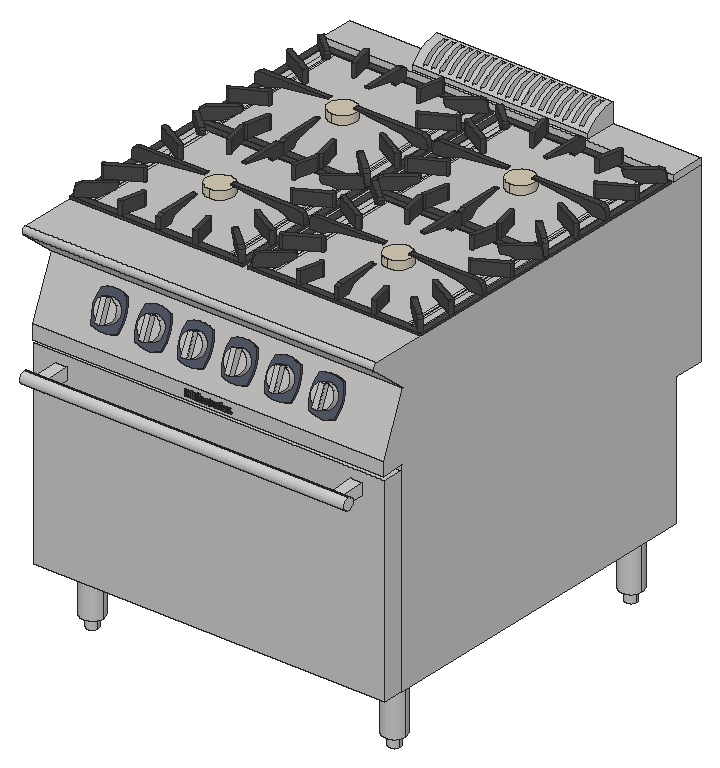
Revit family "QF_ELECTROLUXPROFESSIONAL_391164_E9GCGH4CEN", category Specialty Equipment, Revit 2018
Family settings
  Round Connector Dimension = Use Diameter
  Part Type = Normal
  Work Plane-Based = No
  Always vertical = Yes
  Cut with Voids When Loaded = No
  Shared = No
  Room Calculation Point = No
Parameters
  Weight in Pounds = 115
  Watts = 6000 VA  # 6000 W
  Volts = 230 V  # constant formula
  URL Cutsheet = "www.electrolux.com"
  URL = "www.electrolux.com"
  Type Mark [instance] = ""
  Status [instance] = ""
  Specification by User [instance] = ""
  Specification by Manufacturer = ""
  Show Logo [instance] = yes
  Show Clearance [instance] = yes
  Serial Number = ""
  Seismic Rating = ""
  SMACNA No = ""
  Revision Code [instance] = ""
  Phase = 3  # constant formula
  Omniclass Number and Title = ""
  Number of Poles [instance] = 1
  NAFEM Spec ID Number = ""
  Model = "391164"
  Min Ckt Ampacity = 0 A
  Mechanical Remarks [instance] = ""
  Mechanical Connection Type [instance] = ""
  Max Overcurrent Protection = 0 A
  Masterspec = ""
  Manufacturer = "ELECTROLUX"
  Item Number [instance] = ""
  Installed By [instance] = ""
  Identify Quantity as Lot [instance] = yes
  HP = "8 HP"
  Gas Size = 1/2"
  Gas RI Height [instance] = 0 mm
  Gas KW [instance] = 28
  Gas Input [instance] = 95452.0 Btu/h
  Gas Connection Height = 0 mm
  Furnished By [instance] = ""
  Foodservice Equipment Identifier [instance] = yes
  FL Amps = if(Phase = 3, Watts / (Volts * 1.73), Watts / Volts)  # 15.0792 A
  Electrical Remarks [instance] = "230 V/3 ph/50/60 Hz"  # constant formula
  Electric Connection Type [instance] = ""
  Elec Conn RI Height [instance] = 0 mm
  Elec Conn Connection Height [instance] = 0 mm
  Direct Waste Size = 0"
  Description = "900XP 4 GAS BURNERS 6kW ON ELECTRIC OVEN 2300V - TEMP 110/285°C"
  Cycle = if([60 Hertz Option], 60 Hz, 50 Hz)  # 60 Hz
  Conn Plug = ""
  Conn Conduit = yes
  CSI MasterFormat = ""
  CSI Master Format = ""
  Apparent Power = if(Phase = 3, Volts * FL Amps * 1.73, Volts * FL Amps)  # 6000 VA
  60 Hertz Option = not([50 Hertz Option])  # yes
  50 Hertz Option = no
Reference planes
  plane 1 "BACK": y = 0
  plane 2: z = 0
  plane 3 "LEFT": x = 0
  plane 4 "RIGHT": x = 800.1
  plane 5 "FRONT": y = -930.275
  plane 6 "TOP": z = 909
  plane 7 "Center Y": x = 400.05
  plane 8 "Center X": y = -465.137
  plane 9: z = 150
  plane 10: z = 1397
  plane 11: y = -80.962
  plane 12: z = 851
  plane 13: x = 56
  plane 14: x = 744.1
  plane 15: y = -128
  plane 16: y = -802
  plane 17: y = -1306
  plane 18: y = -900
  plane 19: x = 552.1
  plane 20: x = 757.1
  plane 21: y = -665
Forms (mm)
  Extrusion 1, solid, material "QF_Finishes_Stainless Steel"
    sketch origin (0, 0, 0) x (0, 1, 0) y (0, 0, 1)
      loop
        line (0, 450.037) -> (0, 851) -> (-921.28, 851)
        arc (-921.28, 851) -> (-929.718, 845.109) -> (-927.095, 835.158) r 8.988
        line (-927.095, 835.158) -> (-846.681, 766.933) -> (-902.478, 641.576) -> (-902.478, 610.279) -> (-855.054, 614.975)
        arc (-855.054, 614.975) -> (-852.529, 614.227) -> (-851.437, 611.831) r 3.175
        line (-851.437, 611.831) -> (-851.437, 150) -> (-71.438, 150) -> (-71.438, 450.037) -> (0, 450.037)
    from 0 to 800.1
  Extrusion 2, solid, material "QF_Finishes_Stainless Steel"
    sketch origin (0, 0, 0) x (0, 1, 0) y (0, 0, 1)
      loop
        line (0, 851) -> (0, 865.288) -> (-76.2, 865.288) -> (-76.2, 851) -> (0, 851)
    from 0 to 800.1
  Extrusion 3, void
    sketch origin (-65.011, 0, 865.138) x (-1, 0, 0) y (0, -1, 0)
      loop
        line (-295.005, 6.761) -> (-285.709, 6.761) -> (-285.709, 63.911) -> (-295.005, 63.911) -> (-295.005, 6.761)
      loop
        line (-313.697, 6.761) -> (-304.401, 6.761) -> (-304.401, 63.911) -> (-313.697, 63.911) -> (-313.697, 6.761)
      loop
        line (-332.39, 6.761) -> (-323.094, 6.761) -> (-323.094, 63.911) -> (-332.39, 63.911) -> (-332.39, 6.761)
      loop
        line (-351.082, 6.761) -> (-341.787, 6.761) -> (-341.787, 63.911) -> (-351.082, 63.911) -> (-351.082, 6.761)
      loop
        line (-369.775, 6.761) -> (-360.479, 6.761) -> (-360.479, 63.911) -> (-369.775, 63.911) -> (-369.775, 6.761)
      loop
        line (-388.468, 6.761) -> (-379.172, 6.761) -> (-379.172, 63.911) -> (-388.468, 63.911) -> (-388.468, 6.761)
      loop
        line (-407.16, 6.761) -> (-397.864, 6.761) -> (-397.864, 63.911) -> (-407.16, 63.911) -> (-407.16, 6.761)
      loop
        line (-425.853, 6.761) -> (-416.557, 6.761) -> (-416.557, 63.911) -> (-425.853, 63.911) -> (-425.853, 6.761)
      loop
        line (-444.545, 6.761) -> (-435.25, 6.761) -> (-435.25, 63.911) -> (-444.545, 63.911) -> (-444.545, 6.761)
      loop
        line (-463.238, 6.761) -> (-453.942, 6.761) -> (-453.942, 63.911) -> (-463.238, 63.911) -> (-463.238, 6.761)
      loop
        line (-481.493, 6.761) -> (-472.635, 6.761) -> (-472.635, 63.911) -> (-481.493, 63.911) -> (-481.493, 6.761)
      loop
        line (-500.186, 6.761) -> (-490.89, 6.761) -> (-490.89, 63.911) -> (-500.186, 63.911) -> (-500.186, 6.761)
      loop
        line (-518.878, 6.761) -> (-509.583, 6.761) -> (-509.583, 63.911) -> (-518.878, 63.911) -> (-518.878, 6.761)
      loop
        line (-537.571, 6.761) -> (-528.275, 6.761) -> (-528.275, 63.911) -> (-537.571, 63.911) -> (-537.571, 6.761)
      loop
        line (-556.264, 6.761) -> (-546.968, 6.761) -> (-546.968, 63.911) -> (-556.264, 63.911) -> (-556.264, 6.761)
      loop
        line (-574.956, 6.761) -> (-565.66, 6.761) -> (-565.66, 63.911) -> (-574.956, 63.911) -> (-574.956, 6.761)
      loop
        line (-593.649, 6.761) -> (-584.353, 6.761) -> (-584.353, 63.911) -> (-593.649, 63.911) -> (-593.649, 6.761)
      loop
        line (-612.341, 6.761) -> (-603.046, 6.761) -> (-603.046, 63.911) -> (-612.341, 63.911) -> (-612.341, 6.761)
      loop
        line (-631.034, 6.761) -> (-621.738, 6.761) -> (-621.738, 63.911) -> (-631.034, 63.911) -> (-631.034, 6.761)
      loop
        line (-649.727, 6.761) -> (-640.431, 6.761) -> (-640.431, 63.911) -> (-649.727, 63.911) -> (-649.727, 6.761)
    from 9.525 to 45.348
  Extrusion 4, solid, material "QF_Finishes_Stainless Steel"
    sketch origin (400.05, 175.397, 1219.2) x (0, 1, 0) y (0, 0, 1)
      loop
        line (-175.397, -353.912) -> (-175.397, -310.2)
        arc (-175.397, -310.2) -> (-214.469, -318.821) -> (-245.247, -344.387) r 84.854
        line (-245.247, -344.387) -> (-245.247, -353.912) -> (-175.397, -353.912)
    from -200.05 to 199.95
  Extrusion 5, solid, material "QF_Finishes_Navy Blue"
    sketch origin (0, -879.281, 692.691) x (0, -0.406642, -0.913587) y (1, 0, 0)
      loop
        arc (-53.776, 223.651) -> (-18.194, 216.027) -> (17.514, 223.034) r 90.5
        arc (17.514, 223.034) -> (24.34, 252.222) -> (17.514, 281.409) r 65.817
        arc (17.514, 281.409) -> (-18.193, 288.369) -> (-53.776, 280.797) r 91.066
        arc (-53.776, 280.797) -> (-60.332, 252.224) -> (-53.776, 223.651) r 65.546
      loop
        arc (-53.776, 123.651) -> (-18.194, 116.027) -> (17.514, 123.034) r 90.5
        arc (17.514, 123.034) -> (24.34, 152.222) -> (17.514, 181.409) r 65.817
        arc (17.514, 181.409) -> (-18.193, 188.369) -> (-53.776, 180.797) r 91.066
        arc (-53.776, 180.797) -> (-60.332, 152.224) -> (-53.776, 123.651) r 65.546
      loop
        arc (-53.776, 576.786) -> (-60.332, 548.214) -> (-53.776, 519.641) r 65.546
        arc (-53.776, 519.641) -> (-18.193, 512.068) -> (17.514, 519.028) r 91.066
        arc (17.514, 519.028) -> (24.34, 548.216) -> (17.514, 577.404) r 65.817
        arc (17.514, 577.404) -> (-18.194, 584.411) -> (-53.776, 576.786) r 90.5
      loop
        arc (-53.776, 676.349) -> (-60.237, 647.995) -> (-53.776, 619.641) r 65.451
        arc (-53.776, 619.641) -> (-18.194, 612.032) -> (17.514, 619.025) r 90.665
        arc (17.514, 619.025) -> (24.245, 647.997) -> (17.514, 676.969) r 65.722
        arc (17.514, 676.969) -> (-18.195, 684.01) -> (-53.776, 676.349) r 90.1
      loop
        arc (-53.776, 420.279) -> (-18.194, 412.655) -> (17.514, 419.662) r 90.5
        arc (17.514, 419.662) -> (24.34, 448.849) -> (17.514, 478.037) r 65.817
        arc (17.514, 478.037) -> (-18.193, 484.997) -> (-53.776, 477.424) r 91.066
        arc (-53.776, 477.424) -> (-60.332, 448.852) -> (-53.776, 420.279) r 65.546
      loop
        arc (-53.776, 320.279) -> (-18.194, 312.655) -> (17.514, 319.662) r 90.5
        arc (17.514, 319.662) -> (24.34, 348.849) -> (17.514, 378.037) r 65.817
        arc (17.514, 378.037) -> (-18.193, 384.997) -> (-53.776, 377.424) r 91.066
        arc (-53.776, 377.424) -> (-60.332, 348.852) -> (-53.776, 320.279) r 65.546
    from 0 to 3.175
  Extrusion 6, solid, material "QF_Finishes_Stainless Steel"
    sketch origin (0, -882.182, 693.982) x (0, -0.406642, -0.913587) y (1, 0, 0)
      loop
        circle (-18.131, 252.457) r 25.4
      loop
        circle (-18.131, 152.457) r 25.4
      loop
        circle (-18.131, 547.543) r 25.4
      loop
        circle (-18.131, 647.543) r 25.4
      loop
        circle (-18.131, 349.085) r 25.4
      loop
        circle (-18.131, 449.085) r 25.4
    from 0 to 12.7
  Extrusion 7, solid, material "QF_Finishes_Stainless Steel"
    sketch origin (0, -893.785, 699.146) x (0, -0.406642, -0.913587) y (1, 0, 0)
      loop
        arc (-42.863, 258.243) -> (-43.531, 252.457) -> (-42.863, 246.671) r 25.4
        line (-42.863, 246.671) -> (6.601, 246.671)
        arc (6.601, 246.671) -> (7.269, 252.457) -> (6.601, 258.243) r 25.4
        line (6.601, 258.243) -> (-42.863, 258.243)
      loop
        arc (-42.863, 158.243) -> (-43.531, 152.457) -> (-42.863, 146.671) r 25.4
        line (-42.863, 146.671) -> (6.601, 146.671)
        arc (6.601, 146.671) -> (7.269, 152.457) -> (6.601, 158.243) r 25.4
        line (6.601, 158.243) -> (-42.863, 158.243)
      loop
        arc (-42.863, 553.425) -> (-43.531, 547.639) -> (-42.863, 541.852) r 25.4
        line (-42.863, 541.852) -> (6.601, 541.852)
        arc (6.601, 541.852) -> (7.269, 547.639) -> (6.601, 553.425) r 25.4
        line (6.601, 553.425) -> (-42.863, 553.425)
      loop
        arc (-42.863, 653.425) -> (-43.531, 647.639) -> (-42.863, 641.852) r 25.4
        line (-42.863, 641.852) -> (6.601, 641.852)
        arc (6.601, 641.852) -> (7.269, 647.639) -> (6.601, 653.425) r 25.4
        line (6.601, 653.425) -> (-42.863, 653.425)
      loop
        arc (-42.863, 454.871) -> (-43.531, 449.085) -> (-42.863, 443.299) r 25.4
        line (-42.863, 443.299) -> (6.601, 443.299)
        arc (6.601, 443.299) -> (7.269, 449.085) -> (6.601, 454.871) r 25.4
        line (6.601, 454.871) -> (-42.863, 454.871)
      loop
        arc (-42.863, 354.871) -> (-43.531, 349.085) -> (-42.863, 343.299) r 25.4
        line (-42.863, 343.299) -> (6.601, 343.299)
        arc (6.601, 343.299) -> (7.269, 349.085) -> (6.601, 354.871) r 25.4
        line (6.601, 354.871) -> (-42.863, 354.871)
    from 0 to 12.7
  Extrusion 8, solid, material "QF_Finishes_Navy Blue", visible <- "Show Logo"
    sketch origin (0, -902.478, 610.279) x (0, 0, 1) y (-1, 0, 0)
      loop
        line (21.268, -357.807) -> (8.901, -357.807)
        arc (8.901, -357.807) -> (15.085, -362.379) -> (21.268, -357.807) r 6.467
      loop
        arc (21.268, -357.178) -> (20.099, -352.035) -> (15.443, -349.557) r 6.338
        line (15.443, -349.557) -> (15.443, -351.603)
        arc (15.443, -351.603) -> (16.927, -355.258) -> (20.372, -357.178) r 5.941
        line (20.372, -357.178) -> (21.268, -357.178)
      loop
        arc (9.797, -357.178) -> (13.242, -355.258) -> (14.726, -351.603) r 5.941
        line (14.726, -351.603) -> (14.726, -349.557)
        arc (14.726, -349.557) -> (10.032, -352.031) -> (8.742, -357.178) r 6.504
        line (8.742, -357.178) -> (9.797, -357.178)
      loop
        line (21.943, -349.088) -> (8.198, -349.088) -> (8.198, -362.851) -> (21.943, -362.851) -> (21.943, -349.088)
      loop
        arc (22.026, -365.819) -> (21.679, -365.461) -> (21.312, -365.799) r 0.358
        arc (21.312, -365.799) -> (20.997, -366.549) -> (20.281, -366.934) r 1.216
        line (20.281, -366.934) -> (9.868, -366.934)
        arc (9.868, -366.934) -> (9.208, -366.657) -> (8.812, -366.06) r 1.238
        arc (8.812, -366.06) -> (8.417, -365.809) -> (8.112, -366.163) r 0.358
        line (8.112, -366.163) -> (8.112, -376.042) -> (10.863, -376.042) -> (10.863, -375.145)
        arc (10.863, -375.145) -> (9.954, -374.565) -> (9.498, -373.588) r 1.928
        line (9.498, -373.588) -> (9.498, -371.089)
        arc (9.498, -371.089) -> (9.774, -370.36) -> (10.462, -369.996) r 1.101
        line (10.462, -369.996) -> (14.549, -369.996) -> (14.549, -373.67)
        arc (14.549, -373.67) -> (14.196, -374.167) -> (13.631, -374.395) r 1.083
        arc (13.631, -374.395) -> (13.367, -374.7) -> (13.659, -374.978) r 0.292
        line (13.659, -374.978) -> (16.621, -374.978)
        arc (16.621, -374.978) -> (16.924, -374.705) -> (16.686, -374.375) r 0.305
        arc (16.686, -374.375) -> (16.195, -374.127) -> (15.89, -373.67) r 1.083
        line (15.89, -373.67) -> (15.89, -369.996) -> (20.567, -369.996) -> (20.567, -373.744)
        arc (20.567, -373.744) -> (20.353, -374.499) -> (19.747, -374.997) r 1.314
        arc (19.747, -374.997) -> (19.527, -375.401) -> (19.882, -375.694) r 0.361
        line (19.882, -375.694) -> (22.026, -375.694) -> (22.026, -365.819)
      loop
        arc (21.309, -376.474) -> (20.928, -377.393) -> (20.01, -377.773) r 1.299
        line (20.01, -377.773) -> (10.431, -377.773)
        arc (10.431, -377.773) -> (9.593, -377.395) -> (9.321, -376.517) r 1.118
        line (9.321, -376.517) -> (8.112, -376.517) -> (8.112, -381.867) -> (9.3, -381.867)
        arc (9.3, -381.867) -> (9.572, -380.95) -> (10.442, -380.554) r 1.153
        line (10.442, -380.554) -> (22.514, -380.554) -> (21.309, -376.474)
      loop
        line (13.077, -384.503) -> (13.077, -390.951) -> (13.876, -390.951)
        arc (13.876, -390.951) -> (16.456, -389.966) -> (17.725, -387.513) r 3.874
        line (17.725, -387.513) -> (17.725, -385.752)
        arc (17.725, -385.752) -> (16.538, -382.887) -> (13.674, -381.701) r 4.051
        line (13.674, -381.701) -> (11.666, -381.701)
        arc (11.666, -381.701) -> (8.847, -383.186) -> (7.795, -386.193) r 4.352
        arc (7.795, -386.193) -> (8.16, -388.656) -> (9.537, -390.73) r 5.713
        line (9.537, -390.73) -> (10.486, -390.73)
        arc (10.486, -390.73) -> (9.754, -389.161) -> (9.537, -387.443) r 5.579
        arc (9.537, -387.443) -> (10.331, -385.48) -> (12.21, -384.503) r 3.057
        line (12.21, -384.503) -> (13.077, -384.503)
      loop
        line (14.336, -384.503) -> (14.336, -388.085)
        arc (14.336, -388.085) -> (15.793, -388.133) -> (16.676, -386.973) r 1.59
        line (16.676, -386.973) -> (16.676, -386.143)
        arc (16.676, -386.143) -> (15.811, -384.888) -> (14.336, -384.503) r 2.184
      loop
        arc (17.127, -400.368) -> (17.616, -398.694) -> (17.773, -396.957) r 9.023
        line (17.773, -396.957) -> (17.773, -395.595)
        arc (17.773, -395.595) -> (16.614, -392.795) -> (13.814, -391.636) r 3.959
        line (13.814, -391.636) -> (11.214, -391.636)
        arc (11.214, -391.636) -> (8.932, -392.928) -> (7.815, -395.301) r 4.331
        line (7.815, -395.301) -> (7.815, -397.436)
        arc (7.815, -397.436) -> (8.323, -398.986) -> (9.245, -400.332) r 5.772
        arc (9.245, -400.332) -> (10.006, -400.383) -> (10.093, -399.624) r 0.553
        arc (10.093, -399.624) -> (9.705, -398.89) -> (9.571, -398.071) r 2.573
        line (9.571, -398.071) -> (9.571, -396.556)
        arc (9.571, -396.556) -> (10.577, -394.915) -> (12.392, -394.272) r 2.884
        line (12.392, -394.272) -> (13.67, -394.272)
        arc (13.67, -394.272) -> (15.492, -394.832) -> (16.418, -396.497) r 2.554
        line (16.418, -396.497) -> (16.418, -397.55)
        arc (16.418, -397.55) -> (16.087, -398.478) -> (15.43, -399.213) r 2.564
        arc (15.43, -399.213) -> (15.208, -399.93) -> (15.817, -400.368) r 0.643
        line (15.817, -400.368) -> (17.127, -400.368)
      loop
        line (16.109, -400.638) -> (16.109, -402.139) -> (10.061, -402.139)
        arc (10.061, -402.139) -> (8.473, -402.797) -> (7.815, -404.385) r 2.246
        line (7.815, -404.385) -> (7.815, -405.969)
        arc (7.815, -405.969) -> (8.129, -406.834) -> (8.629, -407.605) r 4.06
        arc (8.629, -407.605) -> (9.362, -407.738) -> (9.613, -407.037) r 0.576
        arc (9.613, -407.037) -> (9.507, -406.512) -> (9.571, -405.979) r 1.69
        arc (9.571, -405.979) -> (10.113, -405.191) -> (11.019, -404.888) r 1.506
        line (11.019, -404.888) -> (16.157, -404.888) -> (16.157, -407.285) -> (16.713, -407.842) -> (17.535, -407.842) -> (17.535, -404.982) -> (20.766, -404.982) -> (16.109, -400.638)
      loop
        line (8.032, -408.739) -> (8.032, -414.126) -> (9.142, -414.126)
        arc (9.142, -414.126) -> (9.536, -413.175) -> (10.487, -412.781) r 1.345
        line (10.487, -412.781) -> (14.103, -412.781)
        arc (14.103, -412.781) -> (14.868, -413.373) -> (15.157, -414.295) r 1.615
        line (15.157, -414.295) -> (15.157, -415.851) -> (17.713, -416.536) -> (17.713, -415.153) -> (15.771, -412.594) -> (17.651, -412.594) -> (17.367, -409.888)
        arc (17.367, -409.888) -> (16.927, -409.358) -> (16.268, -409.559) r 0.621
        arc (16.268, -409.559) -> (15.868, -409.901) -> (15.374, -410.084) r 1.501
        line (15.374, -410.084) -> (10.487, -410.084)
        arc (10.487, -410.084) -> (9.536, -409.69) -> (9.142, -408.739) r 1.345
        line (9.142, -408.739) -> (8.032, -408.739)
      loop
        line (14.134, -416.073) -> (11.442, -416.073)
        arc (11.442, -416.073) -> (8.996, -417.381) -> (7.863, -419.912) r 4.288
        arc (7.863, -419.912) -> (7.799, -421.292) -> (7.863, -422.672) r 15.022
        arc (7.863, -422.672) -> (8.996, -425.203) -> (11.442, -426.51) r 4.288
        line (11.442, -426.51) -> (14.134, -426.51)
        arc (14.134, -426.51) -> (16.579, -425.203) -> (17.713, -422.672) r 4.288
        arc (17.713, -422.672) -> (17.777, -421.292) -> (17.713, -419.912) r 15.022
        arc (17.713, -419.912) -> (16.579, -417.381) -> (14.134, -416.073) r 4.288
      loop
        line (14.339, -419.187) -> (11.237, -419.187)
        arc (11.237, -419.187) -> (9.08, -421.344) -> (11.237, -423.501) r 2.157
        line (11.237, -423.501) -> (14.339, -423.501)
        arc (14.339, -423.501) -> (16.496, -421.344) -> (14.339, -419.187) r 2.157
      loop
        arc (21.32, -426.369) -> (20.949, -427.263) -> (20.055, -427.633) r 1.264
        line (20.055, -427.633) -> (10.191, -427.633)
        arc (10.191, -427.633) -> (9.321, -427.236) -> (9.049, -426.32) r 1.153
        line (9.049, -426.32) -> (8.112, -426.32) -> (8.112, -431.428) -> (9.04, -431.428)
        arc (9.04, -431.428) -> (9.399, -430.656) -> (10.191, -430.341) r 1.153
        line (10.191, -430.341) -> (22.514, -430.341) -> (21.32, -426.369)
      loop
        arc (16.44, -430.966) -> (16.241, -432.03) -> (15.272, -432.512) r 1.215
        line (15.272, -432.512) -> (10.252, -432.512)
        arc (10.252, -432.512) -> (8.637, -433.16) -> (7.916, -434.743) r 2.338
        line (7.916, -434.743) -> (7.916, -436.257)
        arc (7.916, -436.257) -> (8.091, -437.261) -> (8.593, -438.147) r 2.979
        line (8.593, -438.147) -> (8.112, -439.944) -> (8.112, -441.633) -> (17.537, -441.633) -> (17.243, -437.429) -> (16.457, -437.429)
        arc (16.457, -437.429) -> (16.101, -438.265) -> (15.349, -438.774) r 1.605
        line (15.349, -438.774) -> (10.246, -438.774)
        arc (10.246, -438.774) -> (9.826, -437.837) -> (9.753, -436.813) r 2.94
        arc (9.753, -436.813) -> (10.314, -435.712) -> (11.467, -435.269) r 1.724
        line (11.467, -435.269) -> (17.664, -435.269) -> (16.44, -430.966)
      loop
        line (17.468, -442.486) -> (15.796, -444.532) -> (12.622, -446.838) -> (9.166, -443.726)
        arc (9.166, -443.726) -> (8.928, -443.332) -> (8.951, -442.873) r 0.789
        line (8.951, -442.873) -> (8.112, -442.873) -> (8.112, -446.418) -> (8.938, -446.418)
        arc (8.938, -446.418) -> (9.28, -446.056) -> (9.77, -446.148) r 0.52
        line (9.77, -446.148) -> (11.57, -447.619) -> (9.452, -448.995)
        arc (9.452, -448.995) -> (9.051, -448.685) -> (8.964, -448.185) r 0.7
        line (8.964, -448.185) -> (8.112, -448.185) -> (8.112, -454.112) -> (8.998, -454.112)
        arc (8.998, -454.112) -> (9.065, -453.453) -> (9.46, -452.922) r 1.247
        line (9.46, -452.922) -> (13.66, -449.641) -> (16.107, -451.694) -> (17.468, -453.436) -> (17.468, -449.713) -> (15.983, -450.135) -> (14.462, -448.858) -> (16.162, -447.668) -> (17.468, -448.445) -> (17.468, -442.486)
    from 0 to 1.644
  Extrusion 9, solid, material "QF_Finishes_Stainless Steel"
    sketch origin (0, -851.437, 611.831) x (0, 0, -1) y (1, 0, 0)
      loop
        line (461.056, 0) -> (461.056, 800) -> (9.61, 800) -> (9.61, 0) -> (461.056, 0)
    from 3.175 to 48.563
  Extrusion 10, solid, material "QF_Door-Drawer Clearances", visible <- "Show Clearance", detail levels coarse
    sketch origin (800, -851.437, 150.775) x (0, 0, 1) y (0, -1, 0)
      loop
        line (0, 454.563) -> (0, 48.563) -> (451.635, 48.563)
        arc (451.635, 48.563) -> (296.232, 329.892) -> (0, 454.563) r 490.361
    from 0 to -800
  Extrusion 11, solid, material "QF_Clearances", visible <- "Show Clearance", detail levels coarse
    sketch origin (0, 0, 0) x (1, 0, 0) y (0, 1, 0)
      loop
        line (-100.013, -930.275) -> (0, -930.275) -> (0, 0) -> (800.1, 0) -> (800.1, -930.275) -> (900.113, -930.275) -> (900.113, 100.013) -> (-100.013, 100.013) -> (-100.013, -930.275)
    from 0 to 909
  Revolve 12, solid, material "QF_Finishes_Stainless Steel"
    sketch origin (800.1, -128, 611.731) x (0, 0, -1) y (1, 0, 0)
      loop
        line (461.731, -56) -> (611.731, -56) -> (611.731, -43.3) -> (586.331, -43.3) -> (586.331, -30.6) -> (461.731, -30.6) -> (461.731, -56)
      axis (611.731, -56) -> (461.731, -56)
    angle from 0 to 360
  Revolve 13, solid, material "QF_Finishes_Stainless Steel"
    sketch origin (111.125, -128, 611.731) x (0, 0, -1) y (1, 0, 0)
      loop
        line (461.731, -55.125) -> (611.731, -55.125) -> (611.731, -42.425) -> (586.331, -42.425) -> (586.331, -29.725) -> (461.731, -29.725) -> (461.731, -55.125)
      axis (611.731, -55.125) -> (461.731, -55.125)
    angle from 0 to 360
  Revolve 14, solid, material "QF_Finishes_Stainless Steel"
    sketch origin (800.1, -802, 611.731) x (0, 0, -1) y (1, 0, 0)
      loop
        line (461.731, -56) -> (611.731, -56) -> (611.731, -43.3) -> (586.331, -43.3) -> (586.331, -30.6) -> (461.731, -30.6) -> (461.731, -56)
      axis (611.731, -56) -> (461.731, -56)
    angle from 0 to 360
  Revolve 15, solid, material "QF_Finishes_Stainless Steel"
    sketch origin (111.125, -802, 611.731) x (0, 0, -1) y (1, 0, 0)
      loop
        line (461.731, -55.125) -> (611.731, -55.125) -> (611.731, -42.425) -> (586.331, -42.425) -> (586.331, -29.725) -> (461.731, -29.725) -> (461.731, -55.125)
      axis (611.731, -55.125) -> (461.731, -55.125)
    angle from 0 to 360
  Extrusion 16, solid, material "QF_Finishes_Handrails and Railings"
    sketch origin (50.8, -1067.312, 150) x (0, 0, 1) y (0, 1, 0)
      loop
        circle (421.409, 103.146) r 12.7
    from 19.875 to -718.375
  Extrusion 17, solid, material "QF_Finishes_Handrails and Railings"
    sketch origin (800, -1067.312, 150) x (0, 0, 1) y (0, -1, 0)
      loop
        line (430.101, -167.312) -> (427.396, -114.347)
        arc (427.396, -114.347) -> (413.589, -113.153) -> (409.093, -100.044) r 12.7
        arc (409.093, -100.044) -> (408.276, -100.585) -> (407.501, -101.183) r 13.441
        arc (407.501, -101.183) -> (406.055, -102.989) -> (405.435, -105.216) r 5.77
        line (405.435, -105.216) -> (402.092, -167.312) -> (430.101, -167.312)
    from -50.7 to -76.1
  Extrusion 18, solid, material "QF_Finishes_Handrails and Railings"
    sketch origin (0.1, -1067.312, 150) x (0, 0, 1) y (0, 1, 0)
      loop
        line (430.101, 167.312) -> (402.092, 167.312) -> (405.435, 105.216)
        arc (405.435, 105.216) -> (406.055, 102.989) -> (407.501, 101.183) r 5.77
        arc (407.501, 101.183) -> (408.276, 100.585) -> (409.093, 100.044) r 13.441
        arc (409.093, 100.044) -> (413.589, 113.153) -> (427.396, 114.347) r 12.7
        line (427.396, 114.347) -> (430.101, 167.312)
    from -50.7 to -76.1
  Extrusion 19, solid, material "QF_Finishes_Stainless Steel"
    sketch origin (0, -851.437, 150) x (1, 0, 0) y (0, -1, 0)
      loop
        circle (757.1, -91.437) r 12.7
    from 0 to 4
  Extrusion 20, solid, material "QF_Finishes_Stainless Steel"
    sketch origin (0, -851.437, 150) x (1, 0, 0) y (0, -1, 0)
      loop
        circle (749.1, -186.437) r 6.4
    from 0 to 21
  Extrusion 21, solid, material "QF_Finishes_Stainless Steel"
    sketch origin (0, -851.437, 150) x (1, 0, 0) y (0, -1, 0)
      loop
        circle (649.1, -316.437) r 12.7
    from 0 to 3
Cuts and joins
  Extrusion 3 cuts Extrusion 4
Lines and regions (mm)
  Split face 1
    outline origin (0, -846.681, 766.933) x (0, -0.406642, -0.913587) y (1, 0, 0)
      loop
        circle (14.837, 511.387) r 5
  Split face 2
    outline origin (800.1, -846.681, 766.933) x (0, -0.406642, -0.913587) y (1, 0, 0)
      loop
        circle (14.837, -511.387) r 5
  symbolic lines, style "QF_Clearances", visible <- "Show Clearance", detail levels coarse
    curve 1: line (-100.013, -930.275, 0) -> (-100.012, 100.013, 0)
    curve 2: line (-100.013, 100.013, 0) -> (900.113, 100.013, 0)
    curve 3: line (900.113, 100.013, 0) -> (900.113, -929.879, 0)
  symbolic lines
    curve 4: line (0, 0, 0) -> (800.1, 0, 0)
    curve 5: line (800.1, 0, 0) -> (800.1, -930.275, 0)
    curve 6: line (0, -930.275, 0) -> (0, 0, 0)
    curve 7: line (0, -76.2, 0) -> (800.1, -76.2, 0)
    curve 8: line (0, -930.275, 0) -> (800.1, -930.275, 0)
  symbolic lines, style "QF_Door-Drawer Clearances"
    curve 9: line (800.1, -930.275, 0) -> (800.1, -1306, 0)
    curve 10: line (800.1, -1306, 0) -> (0, -1306, 0)
    curve 11: line (0, -930.275, 0) -> (0, -1306, 0)
Dimensions and locks
  equal spacing: plane 3 "LEFT", plane 7 "Center Y", plane 4 "RIGHT"
  plane 3 "LEFT" to plane 4 "RIGHT" = 800.1 mm
  equal spacing: plane 5 "FRONT", plane 8 "Center X", plane 1 "BACK"
  plane 5 "FRONT" to plane 1 "BACK" = 930.275 mm  (x3)
  plane 6 "TOP" to plane 2 = 909 mm
  plane 9 to plane 2 = 150 mm
  plane 10 to plane 2 = 1397 mm
  plane 6 "TOP" to plane 12 = 58 mm  (x2)
  plane 12 to plane 2 = 851 mm
  plane 3 "LEFT" to plane 13 = 56 mm
  plane 4 "RIGHT" to plane 14 = 56 mm
  plane 15 to plane 1 "BACK" = 128 mm
  plane 16 to plane 15 = 674 mm
  Extrusion 1 sketch curve to plane 1 "BACK" = 71.438 mm
  Extrusion 1 sketch curve to plane 9 = 300.037 mm
  plane 17 to plane 1 "BACK" = 1306 mm
  plane 18 to plane 1 "BACK" = 900 mm
  plane 18 to plane 16 = 98 mm
  plane 9 to Extrusion 1 = 300.037 mm
  plane 4 "RIGHT" to plane 19 = 248 mm
  plane 4 "RIGHT" to plane 20 = 43 mm
  plane 13 to plane 14 = 688.1 mm
  plane 21 to plane 1 "BACK" = 665 mm
  Extrusion 19 sketch curve to plane 4 "RIGHT" = 43 mm
  Extrusion 19 sketch curve to plane 1 "BACK" = 760 mm
  plane 2 to Extrusion 20 = 129 mm
  aligned and locked: level to plane 2
  aligned and locked: Extrusion 1 to plane 4 "RIGHT"
  aligned and locked: Extrusion 2 to plane 4 "RIGHT"
  aligned and locked: Extrusion 10 to Extrusion 9
  aligned and locked: plane 6 "TOP" to Extrusion 11
Automatic sketch dimensions
  Extrusion 2 sketch curve to plane 12 = 0 mm
  Extrusion 2 sketch curve to plane 1 "BACK" = 0 mm
  plane 11 to Extrusion 2 sketch curve = 4.763 mm
  plane 12 to Extrusion 2 sketch curve = 14.288 mm
  plane 19 to Extrusion 3 sketch curve = 32.616 mm
  Extrusion 3 sketch curve to Extrusion 3 sketch curve = 9.296 mm  (x18)
  Extrusion 3 sketch curve to Extrusion 3 sketch curve = 9.397 mm  (x17)
  plane 19 to Extrusion 3 sketch curve = 4.627 mm
  Extrusion 3 sketch curve to plane 19 = 4.77 mm
  plane 7 "Center Y" to Extrusion 3 sketch curve = 7.574 mm
  Extrusion 3 sketch curve to plane 7 "Center Y" = 1.823 mm
  plane 1 "BACK" to Extrusion 3 sketch curve = 6.761 mm  (x20)
  plane 11 to Extrusion 3 sketch curve = 17.052 mm  (x20)
  Extrusion 4 sketch curve to plane 1 "BACK" = 0 mm
  Extrusion 4 sketch curve to plane 6 "TOP" = 0 mm
  plane 1 "BACK" to Extrusion 4 sketch curve = 1.769 mm
  plane 11 to Extrusion 4 sketch curve = 11.113 mm
  Extrusion 4 sketch curve to plane 6 "TOP" = 34.187 mm
  Extrusion 4 sketch curve to Extrusion 4 sketch curve = 9.525 mm
  plane 19 to Extrusion 5 sketch curve = 67.541 mm
  Extrusion 5 sketch curve to plane 13 = 167.651 mm
  Extrusion 5 sketch curve to Extrusion 5 sketch curve = 0 mm  (x16)
  Extrusion 5 sketch curve to plane 7 "Center Y" = 22.626 mm
  Extrusion 5 sketch curve to plane 19 = 32.459 mm
  plane 7 "Center Y" to Extrusion 5 sketch curve = 20.229 mm
  plane 19 to Extrusion 5 sketch curve = 24.686 mm
  Extrusion 5 sketch curve to Extrusion 5 sketch curve = 12.3 mm  (x18)
  Extrusion 5 sketch curve to plane 19 = 3.884 mm
  Extrusion 5 sketch curve to Extrusion 5 sketch curve = 36.365 mm  (x7)
  plane 7 "Center Y" to Extrusion 5 sketch curve = 3.101 mm
  Extrusion 5 sketch curve to plane 7 "Center Y" = 6.115 mm
  Extrusion 5 sketch curve to Extrusion 5 sketch curve = 46.691 mm  (x6)
  plane 7 "Center Y" to Extrusion 5 sketch curve = 19.612 mm
  Extrusion 5 sketch curve to plane 7 "Center Y" = 22.013 mm
  Extrusion 5 sketch curve to Extrusion 5 sketch curve = 0.617 mm
  Extrusion 5 sketch curve to Extrusion 5 sketch curve = 16.51 mm  (x2)
  Extrusion 5 sketch curve to Extrusion 5 sketch curve = 9.217 mm  (x2)
  Extrusion 5 sketch curve to Extrusion 5 sketch curve = 15.898 mm
  Extrusion 5 sketch curve to Extrusion 5 sketch curve = 29.185 mm
  Extrusion 5 sketch curve to Extrusion 5 sketch curve = 28.57 mm  (x2)
  Extrusion 5 sketch curve to Extrusion 5 sketch curve = 13.138 mm
  Extrusion 5 sketch curve to Extrusion 5 sketch curve = 9.238 mm
  Extrusion 5 sketch curve to Extrusion 5 sketch curve = 15.894 mm
  Extrusion 5 sketch curve to Extrusion 5 sketch curve = 28.97 mm
  Extrusion 6 sketch curve to Extrusion 6 sketch curve = 0 mm  (x5)
  Extrusion 6 sketch curve to Extrusion 6 sketch curve = 100 mm  (x3)
  Extrusion 6 sketch curve to Extrusion 6 sketch curve = 96.628 mm
  Extrusion 6 sketch curve to Extrusion 6 sketch curve = 98.458 mm
  Extrusion 7 sketch curve to Extrusion 7 sketch curve = 0 mm  (x12)
  Extrusion 7 sketch curve to Extrusion 7 sketch curve = 24.732 mm  (x8)
  Extrusion 7 sketch curve to Extrusion 7 sketch curve = 86.982 mm
  Extrusion 7 sketch curve to Extrusion 7 sketch curve = 5.786 mm  (x2)
  Extrusion 7 sketch curve to Extrusion 7 sketch curve = 88.428 mm
  Extrusion 8 sketch curve to Extrusion 1 = 2.755 mm
  Extrusion 8 sketch curve to Extrusion 1 = 7.795 mm
  Extrusion 8 sketch curve to Extrusion 1 = 7.815 mm  (x2)
  Extrusion 8 sketch curve to Extrusion 8 sketch curve = 5.108 mm  (x2)
  Extrusion 8 sketch curve to Extrusion 8 sketch curve = 0 mm  (x27)
  Extrusion 8 sketch curve to Extrusion 1 = 7.916 mm
  Extrusion 8 sketch curve to Extrusion 8 sketch curve = 0.218 mm
  Extrusion 8 sketch curve to Extrusion 8 sketch curve = 0.195 mm
  Extrusion 8 sketch curve to Extrusion 8 sketch curve = 0.249 mm
  Extrusion 8 sketch curve to Extrusion 1 = 8.112 mm
  Extrusion 8 sketch curve to Extrusion 8 sketch curve = 0.087 mm
  Extrusion 8 sketch curve to Extrusion 8 sketch curve = 0.358 mm
  Extrusion 8 sketch curve to Extrusion 8 sketch curve = 0.481 mm
  Extrusion 8 sketch curve to Extrusion 8 sketch curve = 0.597 mm
  Extrusion 8 sketch curve to Extrusion 8 sketch curve = 0.544 mm
  Extrusion 8 sketch curve to Extrusion 8 sketch curve = 0.936 mm
  Extrusion 8 sketch curve to Extrusion 8 sketch curve = 0.594 mm
  Extrusion 8 sketch curve to Extrusion 8 sketch curve = 0.343 mm
  Extrusion 8 sketch curve to Extrusion 8 sketch curve = 0.159 mm
  Extrusion 8 sketch curve to Extrusion 8 sketch curve = 0.826 mm
  Extrusion 8 sketch curve to Extrusion 8 sketch curve = 0.839 mm
  Extrusion 8 sketch curve to Extrusion 8 sketch curve = 0.852 mm
  Extrusion 8 sketch curve to Extrusion 8 sketch curve = 0.887 mm
  Extrusion 8 sketch curve to Extrusion 8 sketch curve = 0.928 mm
  Extrusion 8 sketch curve to Extrusion 8 sketch curve = 0.938 mm
  Extrusion 8 sketch curve to Extrusion 8 sketch curve = 0.444 mm
  Extrusion 8 sketch curve to Extrusion 8 sketch curve = 1.11 mm  (x3)
  Extrusion 8 sketch curve to Extrusion 8 sketch curve = 0.215 mm
  Extrusion 8 sketch curve to Extrusion 8 sketch curve = 1.43 mm
  Extrusion 8 sketch curve to Extrusion 8 sketch curve = 1.188 mm
  Extrusion 8 sketch curve to Extrusion 8 sketch curve = 1.21 mm  (x2)
  Extrusion 8 sketch curve to Extrusion 8 sketch curve = 0.503 mm
  Extrusion 8 sketch curve to Extrusion 8 sketch curve = 0.488 mm
  Extrusion 8 sketch curve to Extrusion 8 sketch curve = 0.462 mm
  Extrusion 8 sketch curve to Extrusion 8 sketch curve = 1.386 mm
  Extrusion 8 sketch curve to Extrusion 8 sketch curve = 1.742 mm  (x2)
  Extrusion 8 sketch curve to Extrusion 8 sketch curve = 0.821 mm
  Extrusion 8 sketch curve to Extrusion 8 sketch curve = 0.497 mm
  Extrusion 8 sketch curve to Extrusion 8 sketch curve = 0.539 mm
  Extrusion 8 sketch curve to Extrusion 8 sketch curve = 0.199 mm
  Extrusion 8 sketch curve to Extrusion 8 sketch curve = 0.408 mm
  Extrusion 8 sketch curve to Extrusion 8 sketch curve = 0.743 mm
  Extrusion 8 sketch curve to Extrusion 8 sketch curve = 1.16 mm
  Extrusion 8 sketch curve to Extrusion 8 sketch curve = 0.329 mm
  Extrusion 8 sketch curve to Extrusion 8 sketch curve = 1.054 mm
  Extrusion 8 sketch curve to Extrusion 8 sketch curve = 1.056 mm
  Extrusion 8 sketch curve to Extrusion 8 sketch curve = 0.129 mm
  Extrusion 8 sketch curve to Extrusion 8 sketch curve = 0.489 mm
  Extrusion 8 sketch curve to Extrusion 8 sketch curve = 0.441 mm
  Extrusion 8 sketch curve to Extrusion 8 sketch curve = 1.151 mm
  Extrusion 8 sketch curve to Extrusion 8 sketch curve = 1.141 mm  (x2)
  Extrusion 8 sketch curve to Extrusion 8 sketch curve = 0.768 mm
  Extrusion 8 sketch curve to Extrusion 8 sketch curve = 1.653 mm
  Extrusion 8 sketch curve to Extrusion 8 sketch curve = 0.499 mm
  Extrusion 8 sketch curve to Extrusion 8 sketch curve = 0.964 mm
  Extrusion 8 sketch curve to Extrusion 8 sketch curve = 0.949 mm
  Extrusion 8 sketch curve to Extrusion 8 sketch curve = 1.345 mm  (x3)
  Extrusion 8 sketch curve to Extrusion 8 sketch curve = 1.101 mm
  Extrusion 8 sketch curve to Extrusion 8 sketch curve = 0.432 mm
  Extrusion 8 sketch curve to Extrusion 8 sketch curve = 1.142 mm
  Extrusion 8 sketch curve to Extrusion 8 sketch curve = 0.959 mm
  Extrusion 8 sketch curve to Extrusion 8 sketch curve = 0.176 mm
  Extrusion 8 sketch curve to Extrusion 8 sketch curve = 0.728 mm
  Extrusion 8 sketch curve to Extrusion 8 sketch curve = 3.375 mm  (x2)
  Extrusion 8 sketch curve to Extrusion 8 sketch curve = 0.541 mm
  Extrusion 8 sketch curve to Extrusion 8 sketch curve = 0.955 mm
  Extrusion 8 sketch curve to Extrusion 8 sketch curve = 1.251 mm
  Extrusion 8 sketch curve to Extrusion 8 sketch curve = 0.572 mm
  Extrusion 8 sketch curve to Extrusion 8 sketch curve = 1.92 mm
  Extrusion 8 sketch curve to Extrusion 8 sketch curve = 1.224 mm
  Extrusion 8 sketch curve to Extrusion 8 sketch curve = 0.745 mm
  Extrusion 8 sketch curve to Extrusion 8 sketch curve = 2.537 mm
  Extrusion 8 sketch curve to Extrusion 8 sketch curve = 0.896 mm  (x3)
  Extrusion 8 sketch curve to Extrusion 8 sketch curve = 0.036 mm
  Extrusion 8 sketch curve to Extrusion 8 sketch curve = 2.607 mm
  Extrusion 8 sketch curve to Extrusion 8 sketch curve = 0.066 mm
  Extrusion 8 sketch curve to Extrusion 8 sketch curve = 0.248 mm
  Extrusion 8 sketch curve to Extrusion 8 sketch curve = 0.449 mm
  Extrusion 8 sketch curve to Extrusion 8 sketch curve = 1.052 mm
  Extrusion 8 sketch curve to Extrusion 8 sketch curve = 1.863 mm
  Extrusion 8 sketch curve to Extrusion 8 sketch curve = 1.31 mm  (x2)
  Extrusion 8 sketch curve to Extrusion 8 sketch curve = 0.901 mm
  Extrusion 8 sketch curve to Extrusion 8 sketch curve = 1.107 mm
  Extrusion 8 sketch curve to Extrusion 8 sketch curve = 2.122 mm
  Extrusion 8 sketch curve to Extrusion 8 sketch curve = 2.101 mm
  Extrusion 8 sketch curve to Extrusion 8 sketch curve = 0.106 mm
  Extrusion 8 sketch curve to Extrusion 8 sketch curve = 0.029 mm
  Extrusion 8 sketch curve to Extrusion 8 sketch curve = 2.09 mm
  Extrusion 8 sketch curve to Extrusion 8 sketch curve = 1.279 mm
  Extrusion 8 sketch curve to Extrusion 8 sketch curve = 2.008 mm
  Extrusion 8 sketch curve to Extrusion 8 sketch curve = 0.738 mm
  Extrusion 8 sketch curve to Extrusion 8 sketch curve = 0.382 mm
  Extrusion 8 sketch curve to Extrusion 8 sketch curve = 0.384 mm
  Extrusion 8 sketch curve to Extrusion 8 sketch curve = 0.002 mm
  Extrusion 8 sketch curve to Extrusion 8 sketch curve = 0.561 mm
  Extrusion 8 sketch curve to Extrusion 8 sketch curve = 0.592 mm
  Extrusion 8 sketch curve to Extrusion 8 sketch curve = 2.692 mm
  Extrusion 8 sketch curve to Extrusion 8 sketch curve = 1.259 mm
  Extrusion 8 sketch curve to Extrusion 8 sketch curve = 0.802 mm
  Extrusion 8 sketch curve to Extrusion 8 sketch curve = 1.024 mm  (x2)
  Extrusion 8 sketch curve to Extrusion 8 sketch curve = 0.682 mm
  Extrusion 8 sketch curve to Extrusion 8 sketch curve = 5.934 mm
  Extrusion 8 sketch curve to Extrusion 8 sketch curve = 2.186 mm
  Extrusion 8 sketch curve to Extrusion 8 sketch curve = 0.337 mm
  Extrusion 8 sketch curve to Extrusion 8 sketch curve = 0.021 mm
  Extrusion 8 sketch curve to Extrusion 8 sketch curve = 1.005 mm
  Extrusion 8 sketch curve to Extrusion 8 sketch curve = 0.552 mm
  Extrusion 8 sketch curve to Extrusion 8 sketch curve = 0.778 mm
  Extrusion 8 sketch curve to Extrusion 8 sketch curve = 0.063 mm
  Extrusion 8 sketch curve to Extrusion 8 sketch curve = 1.023 mm
  Extrusion 8 sketch curve to Extrusion 8 sketch curve = 3.804 mm
  Extrusion 8 sketch curve to Extrusion 8 sketch curve = 0.486 mm
  Extrusion 8 sketch curve to Extrusion 8 sketch curve = 0.266 mm
  Extrusion 8 sketch curve to Extrusion 8 sketch curve = 1.547 mm
  Extrusion 8 sketch curve to Extrusion 8 sketch curve = 0.717 mm  (x2)
  Extrusion 8 sketch curve to Extrusion 8 sketch curve = 1.667 mm
  Extrusion 8 sketch curve to Extrusion 8 sketch curve = 3.174 mm
  Extrusion 8 sketch curve to Extrusion 8 sketch curve = 0.388 mm
  Extrusion 8 sketch curve to Extrusion 8 sketch curve = 1.342 mm
  Extrusion 8 sketch curve to Extrusion 8 sketch curve = 1.521 mm
  Extrusion 8 sketch curve to Extrusion 8 sketch curve = 0.124 mm
  Extrusion 8 sketch curve to Extrusion 8 sketch curve = 0.291 mm
  Extrusion 8 sketch curve to Extrusion 8 sketch curve = 1.049 mm  (x2)
  Extrusion 8 sketch curve to Extrusion 8 sketch curve = 1.7 mm
  Extrusion 8 sketch curve to Extrusion 8 sketch curve = 0.894 mm
  Extrusion 8 sketch curve to Extrusion 8 sketch curve = 0.989 mm
  Extrusion 8 sketch curve to Extrusion 8 sketch curve = 1.168 mm
  Extrusion 8 sketch curve to Extrusion 8 sketch curve = 1.594 mm
  Extrusion 8 sketch curve to Extrusion 8 sketch curve = 0.731 mm
  Extrusion 8 sketch curve to Extrusion 8 sketch curve = 1.566 mm
  Extrusion 8 sketch curve to Extrusion 8 sketch curve = 0.064 mm
  Extrusion 8 sketch curve to Extrusion 8 sketch curve = 0.556 mm  (x2)
  Extrusion 8 sketch curve to Extrusion 8 sketch curve = 0.48 mm
  Extrusion 8 sketch curve to Extrusion 8 sketch curve = 1.018 mm
  Extrusion 8 sketch curve to Extrusion 8 sketch curve = 0.787 mm
  Extrusion 8 sketch curve to Extrusion 8 sketch curve = 0.618 mm
  Extrusion 8 sketch curve to Extrusion 8 sketch curve = 1.672 mm
  Extrusion 8 sketch curve to Extrusion 8 sketch curve = 1.361 mm
  Extrusion 8 sketch curve to Extrusion 8 sketch curve = 0.822 mm
  Extrusion 8 sketch curve to Extrusion 8 sketch curve = 0.069 mm
  Extrusion 8 sketch curve to Extrusion 8 sketch curve = 1.88 mm
  Extrusion 8 sketch curve to Extrusion 8 sketch curve = 0.42 mm
  Extrusion 8 sketch curve to Extrusion 8 sketch curve = 0.062 mm
  Extrusion 8 sketch curve to Extrusion 8 sketch curve = 1.355 mm
  Extrusion 8 sketch curve to Extrusion 8 sketch curve = 2.34 mm
  Extrusion 8 sketch curve to Extrusion 8 sketch curve = 0.493 mm
  Extrusion 8 sketch curve to Extrusion 8 sketch curve = 0.136 mm
  Extrusion 8 sketch curve to Extrusion 8 sketch curve = 0.128 mm
  Extrusion 8 sketch curve to Extrusion 8 sketch curve = 3.616 mm
  Extrusion 8 sketch curve to Extrusion 8 sketch curve = 4.207 mm
  Extrusion 8 sketch curve to Extrusion 8 sketch curve = 0.183 mm
  Extrusion 8 sketch curve to Extrusion 8 sketch curve = 0.895 mm
  Extrusion 8 sketch curve to Extrusion 8 sketch curve = 1.314 mm
  Extrusion 8 sketch curve to Extrusion 8 sketch curve = 3.231 mm
  Extrusion 8 sketch curve to Extrusion 8 sketch curve = 1.299 mm
  Extrusion 8 sketch curve to Extrusion 8 sketch curve = 1.214 mm
  Extrusion 8 sketch curve to Extrusion 8 sketch curve = 1.264 mm
  Extrusion 8 sketch curve to Extrusion 8 sketch curve = 0.109 mm
  Extrusion 8 sketch curve to Extrusion 8 sketch curve = 0.357 mm
  Extrusion 8 sketch curve to Extrusion 8 sketch curve = 0.565 mm
  Extrusion 8 sketch curve to Extrusion 8 sketch curve = 2.504 mm
  Extrusion 8 sketch curve to Extrusion 8 sketch curve = 2.459 mm
  Extrusion 1 to Extrusion 8 sketch curve = 345.988 mm
  Extrusion 8 sketch curve to Extrusion 8 sketch curve = 0.208 mm
  Extrusion 8 sketch curve to Extrusion 8 sketch curve = 0.468 mm  (x2)
  Extrusion 8 sketch curve to Extrusion 8 sketch curve = 1.559 mm
  Extrusion 8 sketch curve to Extrusion 8 sketch curve = 0.422 mm  (x2)
  Extrusion 8 sketch curve to Extrusion 8 sketch curve = 0.494 mm
  Extrusion 8 sketch curve to Extrusion 8 sketch curve = 3.927 mm
  Extrusion 8 sketch curve to Extrusion 8 sketch curve = 0.782 mm
  Extrusion 8 sketch curve to Extrusion 8 sketch curve = 1.268 mm
  Extrusion 8 sketch curve to Extrusion 8 sketch curve = 0.671 mm
  Extrusion 8 sketch curve to Extrusion 8 sketch curve = 0.777 mm
  Extrusion 8 sketch curve to Extrusion 8 sketch curve = 0.704 mm
  Extrusion 8 sketch curve to Extrusion 8 sketch curve = 0.781 mm  (x2)
  Extrusion 8 sketch curve to Extrusion 8 sketch curve = 1.634 mm
  Extrusion 8 sketch curve to Extrusion 8 sketch curve = 0.132 mm
  Extrusion 8 sketch curve to Extrusion 8 sketch curve = 3.136 mm
  Extrusion 8 sketch curve to Extrusion 8 sketch curve = 2.422 mm
  Extrusion 8 sketch curve to Extrusion 8 sketch curve = 0.586 mm
  Extrusion 8 sketch curve to Extrusion 8 sketch curve = 2.046 mm  (x2)
  Extrusion 8 sketch curve to Extrusion 8 sketch curve = 1.241 mm
  Extrusion 8 sketch curve to Extrusion 8 sketch curve = 1.689 mm
  Extrusion 8 sketch curve to Extrusion 8 sketch curve = 2.859 mm
  Extrusion 8 sketch curve to Extrusion 8 sketch curve = 0.627 mm
  Extrusion 8 sketch curve to Extrusion 8 sketch curve = 0.863 mm
  Extrusion 8 sketch curve to Extrusion 8 sketch curve = 0.419 mm
  Extrusion 8 sketch curve to Extrusion 8 sketch curve = 1.514 mm
  Extrusion 8 sketch curve to Extrusion 8 sketch curve = 1.019 mm
  Extrusion 8 sketch curve to Extrusion 8 sketch curve = 0.065 mm
  Extrusion 8 sketch curve to Extrusion 8 sketch curve = 1.215 mm
  Extrusion 8 sketch curve to Extrusion 8 sketch curve = 2.708 mm
  Extrusion 8 sketch curve to Extrusion 8 sketch curve = 1.122 mm
  Extrusion 8 sketch curve to Extrusion 8 sketch curve = 1.153 mm
  Extrusion 8 sketch curve to Extrusion 8 sketch curve = 3.009 mm
  Extrusion 8 sketch curve to Extrusion 8 sketch curve = 0.829 mm  (x2)
  Extrusion 8 sketch curve to Extrusion 8 sketch curve = 0.934 mm
  Extrusion 8 sketch curve to Extrusion 8 sketch curve = 3.376 mm
  Extrusion 8 sketch curve to Extrusion 8 sketch curve = 0.222 mm
  Extrusion 8 sketch curve to Extrusion 8 sketch curve = 1.383 mm
  Extrusion 8 sketch curve to Extrusion 8 sketch curve = 1.556 mm
  Extrusion 8 sketch curve to Extrusion 8 sketch curve = 2.559 mm
  Extrusion 8 sketch curve to Extrusion 8 sketch curve = 2.51 mm
  Extrusion 8 sketch curve to Extrusion 8 sketch curve = 0.131 mm
  Extrusion 8 sketch curve to Extrusion 8 sketch curve = 1.717 mm
  Extrusion 8 sketch curve to Extrusion 8 sketch curve = 1.134 mm
  Extrusion 8 sketch curve to Extrusion 8 sketch curve = 0.366 mm
  Extrusion 8 sketch curve to Extrusion 8 sketch curve = 0.094 mm
  Extrusion 8 sketch curve to Extrusion 8 sketch curve = 1.584 mm
  Extrusion 8 sketch curve to Extrusion 8 sketch curve = 1.501 mm
  Extrusion 8 sketch curve to Extrusion 8 sketch curve = 0.27 mm
  Extrusion 8 sketch curve to Extrusion 8 sketch curve = 1.808 mm
  Extrusion 8 sketch curve to Extrusion 8 sketch curve = 0.643 mm
  Extrusion 8 sketch curve to Extrusion 8 sketch curve = 0.916 mm
  Extrusion 8 sketch curve to Extrusion 8 sketch curve = 0.352 mm
  Extrusion 8 sketch curve to Extrusion 8 sketch curve = 0.458 mm
  Extrusion 8 sketch curve to Extrusion 8 sketch curve = 1.282 mm
  Extrusion 8 sketch curve to Extrusion 8 sketch curve = 1.363 mm
  Extrusion 8 sketch curve to Extrusion 8 sketch curve = 0.685 mm
  Extrusion 8 sketch curve to Extrusion 8 sketch curve = 0.905 mm
  Extrusion 8 sketch curve to Extrusion 8 sketch curve = 2.865 mm
  Extrusion 8 sketch curve to Extrusion 8 sketch curve = 0.472 mm
  Extrusion 8 sketch curve to Extrusion 8 sketch curve = 0.101 mm
  Extrusion 8 sketch curve to Extrusion 8 sketch curve = 0.54 mm
  Extrusion 8 sketch curve to Extrusion 8 sketch curve = 0.02 mm
  Extrusion 8 sketch curve to Extrusion 8 sketch curve = 0.582 mm
  Extrusion 8 sketch curve to Extrusion 8 sketch curve = 0.166 mm
  Extrusion 8 sketch curve to Extrusion 8 sketch curve = 0.16 mm
  Extrusion 8 sketch curve to Extrusion 8 sketch curve = 2.781 mm
  Extrusion 8 sketch curve to Extrusion 8 sketch curve = 1.118 mm
  Extrusion 8 sketch curve to Extrusion 8 sketch curve = 0.613 mm
  Extrusion 8 sketch curve to Extrusion 8 sketch curve = 0.361 mm
  Extrusion 8 sketch curve to Extrusion 8 sketch curve = 0.897 mm
  Extrusion 8 sketch curve to Extrusion 8 sketch curve = 0.167 mm
  Extrusion 8 sketch curve to Extrusion 8 sketch curve = 0.292 mm
  Extrusion 8 sketch curve to Extrusion 8 sketch curve = 0.305 mm
  Extrusion 8 sketch curve to Extrusion 8 sketch curve = 1.557 mm
  Extrusion 8 sketch curve to Extrusion 8 sketch curve = 2.499 mm
  Extrusion 8 sketch curve to Extrusion 8 sketch curve = 3.062 mm
  Extrusion 8 sketch curve to Extrusion 8 sketch curve = 2.968 mm
  Extrusion 8 sketch curve to Extrusion 8 sketch curve = 5.044 mm
  Extrusion 8 sketch curve to Extrusion 8 sketch curve = 0.629 mm  (x2)
  Extrusion 8 sketch curve to Extrusion 8 sketch curve = 1.131 mm
  Extrusion 8 sketch curve to Extrusion 8 sketch curve = 0.137 mm
  Extrusion 8 sketch curve to Extrusion 8 sketch curve = 0.027 mm
  Extrusion 8 sketch curve to Extrusion 8 sketch curve = 2.235 mm
  Extrusion 9 sketch curve to Extrusion 1 = 0 mm
  Extrusion 1 to Extrusion 9 sketch curve = 9.61 mm
  Extrusion 9 sketch curve to Extrusion 1 = 0.775 mm
  Extrusion 1 to Extrusion 9 sketch curve = 0.1 mm
  plane 5 "FRONT" to Extrusion 11 sketch curve = 0 mm  (x2)
  plane 1 "BACK" to Extrusion 11 sketch curve = 0 mm
  Extrusion 11 sketch curve to plane 3 "LEFT" = 0 mm
  Extrusion 11 sketch curve to plane 4 "RIGHT" = 0 mm
  Extrusion 11 sketch curve to plane 3 "LEFT" = 100.013 mm
  Extrusion 11 sketch curve to plane 4 "RIGHT" = 100.013 mm
  Extrusion 11 sketch curve to plane 1 "BACK" = 100.013 mm
  Revolve 12 sketch curve to plane 14 = 0 mm  (x2)
  Revolve 12 sketch curve to plane 9 = 0 mm
  Revolve 12 sketch curve to level = 0 mm
  plane 9 to Revolve 12 sketch curve = 32.525 mm
  Revolve 12 sketch curve to Revolve 12 sketch curve = 50.8 mm
  plane 20 to Revolve 12 sketch curve = 12.4 mm
  level to Revolve 12 sketch curve = 25.4 mm
  Revolve 12 sketch curve to plane 20 = 0.3 mm
  plane 13 to Revolve 13 sketch curve = 0 mm  (x2)
  Revolve 13 sketch curve to plane 9 = 0 mm
  Revolve 13 sketch curve to level = 0 mm
  plane 9 to Revolve 13 sketch curve = 32.525 mm
  Revolve 13 sketch curve to Revolve 13 sketch curve = 50.8 mm
  level to Revolve 13 sketch curve = 25.4 mm
  Revolve 13 sketch curve to plane 13 = 12.7 mm
  Revolve 13 sketch curve to plane 13 = 25.4 mm
  Revolve 14 sketch curve to plane 14 = 0 mm  (x2)
  Revolve 14 sketch curve to plane 9 = 0 mm
  Revolve 14 sketch curve to level = 0 mm
  plane 9 to Revolve 14 sketch curve = 32.525 mm
  Revolve 14 sketch curve to Revolve 14 sketch curve = 50.8 mm
  plane 20 to Revolve 14 sketch curve = 12.4 mm
  level to Revolve 14 sketch curve = 25.4 mm
  Revolve 14 sketch curve to plane 20 = 0.3 mm
  plane 13 to Revolve 15 sketch curve = 0 mm  (x2)
  Revolve 15 sketch curve to plane 9 = 0 mm
  Revolve 15 sketch curve to level = 0 mm
  plane 9 to Revolve 15 sketch curve = 32.525 mm
  Revolve 15 sketch curve to Revolve 15 sketch curve = 50.8 mm
  level to Revolve 15 sketch curve = 25.4 mm
  Revolve 15 sketch curve to plane 13 = 12.7 mm
  Revolve 15 sketch curve to plane 13 = 25.4 mm
  Extrusion 17 sketch curve to plane 18 = 0 mm
  Extrusion 17 sketch curve to plane 12 = 298.908 mm
  plane 5 "FRONT" to Extrusion 17 sketch curve = 31.821 mm
  Extrusion 17 sketch curve to Extrusion 17 sketch curve = 3.343 mm
  Extrusion 17 sketch curve to Extrusion 17 sketch curve = 2.066 mm
  Extrusion 17 sketch curve to Extrusion 17 sketch curve = 0 mm  (x2)
  Extrusion 17 sketch curve to Extrusion 17 sketch curve = 1.593 mm
  Extrusion 17 sketch curve to Extrusion 17 sketch curve = 5.756 mm
  Extrusion 17 sketch curve to Extrusion 17 sketch curve = 4.906 mm
  Extrusion 17 sketch curve to Extrusion 17 sketch curve = 5.312 mm
  plane 5 "FRONT" to Extrusion 17 sketch curve = 22.691 mm
  Extrusion 17 sketch curve to Extrusion 17 sketch curve = 11.3 mm
  Extrusion 17 sketch curve to Extrusion 17 sketch curve = 28.009 mm
  Extrusion 17 sketch curve to Extrusion 17 sketch curve = 2.83 mm
  Extrusion 18 sketch curve to plane 18 = 0 mm
  Extrusion 18 sketch curve to plane 12 = 298.908 mm
  plane 5 "FRONT" to Extrusion 18 sketch curve = 31.821 mm
  Extrusion 18 sketch curve to Extrusion 18 sketch curve = 3.343 mm
  Extrusion 18 sketch curve to Extrusion 18 sketch curve = 2.066 mm
  Extrusion 18 sketch curve to Extrusion 18 sketch curve = 0 mm  (x2)
  Extrusion 18 sketch curve to Extrusion 18 sketch curve = 1.593 mm
  Extrusion 18 sketch curve to Extrusion 18 sketch curve = 5.756 mm
  Extrusion 18 sketch curve to Extrusion 18 sketch curve = 4.906 mm
  Extrusion 18 sketch curve to Extrusion 18 sketch curve = 5.312 mm
  plane 5 "FRONT" to Extrusion 18 sketch curve = 22.691 mm
  Extrusion 18 sketch curve to Extrusion 18 sketch curve = 11.3 mm
  Extrusion 18 sketch curve to Extrusion 18 sketch curve = 28.009 mm
  Extrusion 18 sketch curve to Extrusion 18 sketch curve = 11.2 mm
  Extrusion 1 to Split face 1 sketch curve = 14.837 mm
  Split face 1 sketch curve to Extrusion 1 = 288.713 mm
  Extrusion 1 to Split face 2 sketch curve = 14.837 mm
  Split face 2 sketch curve to Extrusion 1 = 288.713 mm
  Extrusion 20 sketch curve to Extrusion 1 = 51 mm
  Extrusion 20 sketch curve to Extrusion 1 = 186.437 mm
  Extrusion 21 sketch curve to Extrusion 1 = 151 mm
  Extrusion 21 sketch curve to Extrusion 1 = 316.437 mm
  plane 5 "FRONT" to curve 1 = 0 mm
  plane 1 "BACK" to curve 5 = 0 mm
  curve 5 to plane 4 "RIGHT" = 0 mm
  plane 5 "FRONT" to curve 11 = 0 mm
  curve 10 to plane 3 "LEFT" = 0 mm
  curve 1 to plane 3 "LEFT" = 100.013 mm
  curve 2 to plane 4 "RIGHT" = 100.013 mm
  plane 17 to curve 11 = 0 mm
  curve 3 to plane 5 "FRONT" = 0.396 mm
  plane 11 to curve 7 = 4.762 mm
  curve 2 to plane 1 "BACK" = 100.013 mm
  Extrusion 10 sketch curve to Extrusion 9 = 0 mm  (x2)
  Extrusion 9 to Extrusion 10 sketch curve = 31.592 mm
  Extrusion 9 to Extrusion 10 sketch curve = 0.189 mm
  Extrusion 10 sketch curve to Extrusion 9 = 37.955 mm
  Extrusion 1 sketch curve to plane 12 = 0 mm
  Extrusion 1 sketch curve to plane 9 = 0 mm
  Extrusion 1 sketch curve to plane 1 "BACK" = 0 mm
  plane 16 to Extrusion 1 sketch curve = 44.681 mm
  plane 18 to Extrusion 1 sketch curve = 48.563 mm
  Extrusion 1 sketch curve to Extrusion 1 sketch curve = 3.175 mm
  Extrusion 1 sketch curve to Extrusion 1 sketch curve = 0.442 mm
  Extrusion 1 sketch curve to plane 18 = 2.478 mm
  Extrusion 1 sketch curve to plane 5 "FRONT" = 8.995 mm
  Extrusion 1 sketch curve to plane 5 "FRONT" = 3.18 mm
  Extrusion 1 sketch curve to plane 12 = 240.721 mm
  Extrusion 1 sketch curve to Extrusion 1 sketch curve = 1.552 mm
  Extrusion 1 sketch curve to Extrusion 1 sketch curve = 31.298 mm
  Extrusion 1 sketch curve to plane 12 = 84.067 mm
  Extrusion 1 sketch curve to plane 12 = 15.842 mm
  radius of Extrusion 6 sketch curve = 25.4 mm  (x6)
  radius of Extrusion 7 sketch curve to Extrusion 6 = 0 mm  (x8)
  radius of Extrusion 16 sketch curve to Extrusion 18 = 0 mm
  radius of Extrusion 19 sketch curve = 12.7 mm
  radius of Split face 1 sketch curve = 5 mm
  radius of Split face 2 sketch curve = 5 mm
  radius of Extrusion 20 sketch curve = 6.4 mm
  radius of Extrusion 21 sketch curve = 12.7 mm
Nested families
  nested 1: "371009_BURNER" at (393.7, -440.488, 0) x (-1, 0, 0) z (0, 0, 1), type "371009_BURNER"
    with Type Mark "", Status "", Specification by User "", Revision Code "", Item Number "", Installed By "", Identify Quantity as Lot yes, Furnished By "", Foodservice Equipment Identifier yes
  nested 2: "371009_BURNER" at (393.7, -440.488, 0) x (-1, 0, 0) z (0, 0, 1), type "371009_BURNER"
    with Type Mark "", Status "", Specification by User "", Revision Code "", Item Number "", Installed By "", Identify Quantity as Lot yes, Furnished By "", Foodservice Equipment Identifier yes
  nested 3: "371009_BURNER" at (406.4, -440.488, 0), type "371009_BURNER"
    with Type Mark "", Status "", Specification by User "", Revision Code "", Item Number "", Installed By "", Identify Quantity as Lot yes, Furnished By "", Foodservice Equipment Identifier yes
  nested 4: "371009_BURNER" at (406.4, -440.488, 0), type "371009_BURNER"
    with Type Mark "", Status "", Specification by User "", Revision Code "", Item Number "", Installed By "", Identify Quantity as Lot yes, Furnished By "", Foodservice Equipment Identifier yes
Connectors
  piping at (749.1, -665, 129), diameter 12.8
    settings: on Extrusion 20, index 1, connector inside diameter 0.50394", connector length 0 mm, flow factor 0, pipe flow 0 GPM, pressure drop 0.00 psi, fitting loss kfactor 0, connector angle 0.00°, fixture units 0, engagement length 0 mm, angle of deflection 0.00°, flow configuration 1, flow direction 1, fitting loss method 0, system type 7, joint type 0, gender type 0, connector reference index -1, connector utility 0, adjustable connector no, is connector primary yes, connector description "GAS CONNECTION"
  electrical at (757.1, -760, 146), driven by "Volts", driven by "Watts"
    settings: on Extrusion 19, index 2, voltage 230 V, apparent load 6000 VA, apparent load phase1 0 VA, apparent load phase2 0 VA, apparent load phase3 0 VA, power factor 1, load classification "Other", number of poles 1, system type 30, power factor state 1, is connector primary yes, connector utility no, sub classification motor no, connector description "ELECTRICAL CONNECTION"
